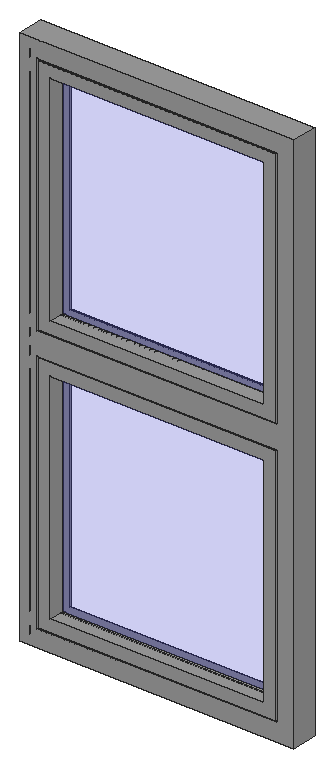
Revit family "3375 OP006_v02", category Windows, host Wall, Revit 2015
Parameters
  Wall Thickness [instance] = 0' - 6"
  URL = "obe.com"
  Transom Height = 3' - 0"
  Rough Width = Width + 0' 0 1/2"  # 3' - 0 1/2"
  Rough Height = Height + 0' 0 1/2"  # 6' - 0 1/2"
  Offset Limitation [instance] = if((Offset + 0' 3 11/16") > Wall Thickness, (Wall Thickness - 0' 3 3/8"), Offset)  # 0' - 0"
  Offset [instance] = 0' - 0"
  Model = "3375 OP006"
  Manufacturer = "Oldcastle BuildingEnvelope®"
  Keynote = "08 51 00"
  Height = Operable Height + Transom Height  # 6' - 0"
  Glass Material = Glass
  Gasket Material = Gasket
  Frame Material = Aluminum
  Operable Height = 3' - 0"
  Description = "SIGNATURE SERIES 3375"
  Default Sill Height = 3' - 0"
  Wall Closure = By host
  Width = 3' - 0"
  Assembly Code = "B2020"
Reference planes (in)
  plane 1 "Center (Front/Back)": y = 0
  plane 2: z = 0
  plane 3 "Center (Left/Right)": x = 0
  plane 4 "Left": x = -18.25
  plane 5 "Right": x = 18.25
  plane 6 "Sill": z = 36
  plane 7 "Top": z = 108.5
  plane 8 "Offset": y = 3
  plane 9: x = 18
  plane 10: z = 108.25
  plane 11: x = -18
  plane 12: z = 36.25
  plane 13 "Center": z = 72.25
  plane 14: z = 39.17769
  plane 15: z = 69.82231
  plane 16: z = 74.67769
  plane 17: z = 105.32231
  plane 18 "EXT": y = 2.84
Forms (in)
  Sweep 1, solid, material "Aluminum" <- "Frame Material"
    path origin (0, 3, 0) x (1, 0, 0) y (0, 0, 1)
      loop
        line (18, 36) -> (18, 108.5)
    profile origin (18, 3, 72.25) x (-1, 0, 0) y (0, -1, 0)
      loop
        line (2, 3.375) -> (-0.25, 3.375) -> (-0.25, 0) -> (1, 0) -> (1, 3.305) -> (2, 3.305) -> (2, 3.375)
  Sweep 2, solid, material "Aluminum" <- "Frame Material"
    path origin (0, 3, 0) x (1, 0, 0) y (0, 0, 1)
      loop
        line (-18, 36) -> (-18, 108.5)
    profile origin (-18, 3, 72.25) x (-1, 0, 0) y (0, -1, 0)
      loop
        line (0.25, 0) -> (0.25, 3.375) -> (-2, 3.375) -> (-2, 3.305) -> (-1, 3.305) -> (-1, 0) -> (0.25, 0)
  Extrusion 3, solid, material "Glass" <- "Glass Material"
    sketch origin (0, 0, 36) x (0, -1, 0) y (1, 0, 0)
      loop
        line (-1.84, -15.07231) -> (-1.84, 15.07231) -> (-2.84, 15.07231) -> (-2.84, -15.07231) -> (-1.84, -15.07231)
    from 3.17769 to 33.82231
  Extrusion 4, solid, material "Glass" <- "Glass Material"
    sketch origin (0, 0, 0) x (1, 0, 0) y (0, 1, 0)
      loop
        line (-15.07231, 2.84) -> (-15.07231, 1.84) -> (15.07231, 1.84) -> (15.07231, 2.84) -> (-15.07231, 2.84)
    from 74.67769 to 105.32231
  Sweep 5, solid, material "Aluminum" <- "Frame Material"
    path origin (0, 3, 0) x (1, 0, 0) y (0, 0, 1)
      loop
        line (-18.25, 72.25) -> (18.25, 72.25)
    profile origin (0, 3, 72.25) x (0, 0, 1) y (0, -1, 0)
      loop
        line (0.49994, 0) -> (0.49994, 3.30513) -> (1.5, 3.30513) -> (1.5, 3.375) -> (0, 3.375) -> (-1.5, 3.375) -> (-1.5, 3.30513) -> (-0.49994, 3.30513) -> (-0.49994, 0) -> (0.49994, 0)
  Sweep 6, solid, material "Aluminum" <- "Frame Material"
    path origin (0, 3, 0) x (1, 0, 0) y (0, 0, 1)
      loop
        line (-18.25, 36.25) -> (18.25, 36.25)
    profile origin (0, 3, 36.25) x (0, 0, 1) y (0, -1, 0)
      loop
        line (-0.25, 3.375) -> (-0.25, 0) -> (1.0021, 0) -> (1.0021, 3.30495) -> (2.00001, 3.30495) -> (2.00001, 3.375) -> (-0.25, 3.375)
  Sweep 7, solid, material "Aluminum" <- "Frame Material"
    path origin (0, 3, 0) x (1, 0, 0) y (0, 0, 1)
      loop
        line (18.25, 108.25) -> (-18.25, 108.25)
    profile origin (0, 3, 108.25) x (0, 0, -1) y (0, -1, 0)
      loop
        line (-0.25, 3.375) -> (-0.25, 0) -> (1, 0) -> (1, 3.305) -> (2, 3.305) -> (2, 3.375) -> (-0.25, 3.375)
  Sweep 8, solid, material "Gasket" <- "Gasket Material", detail levels fine
    path origin (0, 3, 0) x (1, 0, 0) y (0, 0, 1)
      loop
        line (18, 108.25) -> (-18, 108.25) -> (-18, 71.75) -> (18, 71.75) -> (18, 108.25)
    profile origin (0, 3, 108.25) x (0, 0, -1) y (0, -1, 0)
      loop
        line (3.5119, 1.16) -> (3.63747, 1.16)
        arc (3.63747, 1.16) -> (3.6876, 1.2225) -> (3.63747, 1.285) r 0.06403
        line (3.63747, 1.285) -> (3.50353, 1.285)
        arc (3.50353, 1.285) -> (3.46205, 1.21944) -> (3.5119, 1.16) r 0.06575
  Sweep 9, solid, material "Gasket" <- "Gasket Material", detail levels fine
    path origin (0, 3, 0) x (1, 0, 0) y (0, 0, 1)
      loop
        line (17.5, 72.25) -> (-17.5, 72.25) -> (-17.5, 36.75) -> (17.5, 36.75) -> (17.5, 72.25)
    profile origin (0, 3, 72.25) x (0, 0, -1) y (0, -1, 0)
      loop
        line (3.01342, 1.16) -> (3.13877, 1.16)
        arc (3.13877, 1.16) -> (3.18723, 1.2225) -> (3.13877, 1.285) r 0.06453
        line (3.13877, 1.285) -> (3.01342, 1.285)
        arc (3.01342, 1.285) -> (2.96284, 1.2225) -> (3.01342, 1.16) r 0.06391
  Sweep 10, solid, material "Aluminum" <- "Frame Material"
    path origin (0, 3, 0) x (1, 0, 0) y (0, 0, 1)
      loop
        line (18.25, 107.491) -> (18.25, 72.509)
    profile origin (18.25, 3, 90) x (0, -1, 0) y (1, 0, 0)
      loop
        line (-0.33, -1.009) -> (-0.33, -2.80269) -> (0, -2.80269) -> (0, -3.99954) -> (0.16, -3.99954) -> (0.16, -3.17769) -> (1.285, -3.17769) -> (1.285, -3.99954) -> (3.375, -3.99954) -> (3.375, -2.43704) -> (3.215, -2.43704) -> (3.215, -1.71766) -> (0, -1.71766) -> (0, -1.009) -> (-0.33, -1.009)
  Sweep 11, solid, material "Aluminum" <- "Frame Material"
    path origin (0, 3, 0) x (1, 0, 0) y (0, 0, 1)
      loop
        line (-18, 107.491) -> (-18, 72.509)
    profile origin (-18, 3, 90) x (0, -1, 0) y (1, 0, 0)
      loop
        line (3.375, 3.74954) -> (1.285, 3.74954) -> (1.285, 2.92769) -> (0.16, 2.92769) -> (0.16, 3.74954) -> (0, 3.74954) -> (0, 2.55269) -> (-0.33, 2.55269) -> (-0.33, 0.759) -> (0, 0.759) -> (0, 1.46766) -> (3.215, 1.46766) -> (3.215, 2.18704) -> (3.375, 2.18704) -> (3.375, 3.74954)
  Sweep 12, solid, material "Aluminum" <- "Frame Material"
    path origin (0, 3, 0) x (1, 0, 0) y (0, 0, 1)
      loop
        line (17.241, 108.25) -> (-17.241, 108.25)
    profile origin (0, 3, 108.25) x (0, 0, -1) y (0, -1, 0)
      loop
        line (0.759, -0.33) -> (2.55269, -0.33) -> (2.55269, 0) -> (3.74954, 0) -> (3.74954, 0.16) -> (2.92769, 0.16) -> (2.92769, 1.285) -> (3.74954, 1.285) -> (3.74954, 3.375) -> (2.18704, 3.375) -> (2.18704, 3.215) -> (1.46766, 3.215) -> (1.46766, 0) -> (0.759, 0) -> (0.759, -0.33)
  Sweep 13, solid, material "Aluminum" <- "Frame Material"
    path origin (0, 3, 0) x (1, 0, 0) y (0, 0, 1)
      loop
        line (17.241, 72.25) -> (-17.241, 72.25)
    profile origin (0, 3, 72.25) x (0, 0, -1) y (0, -1, 0)
      loop
        line (-3.24954, 1.285) -> (-2.42769, 1.285) -> (-2.42769, 0.16) -> (-3.24954, 0.16) -> (-3.24954, 0) -> (-2.05269, 0) -> (-2.05269, -0.32994) -> (-0.259, -0.32994) -> (-0.259, 0) -> (-0.96779, 0) -> (-0.96779, 3.21505) -> (-1.68705, 3.21505) -> (-1.68705, 3.375) -> (-3.24954, 3.375) -> (-3.24954, 1.285)
  Sweep 14, solid, material "Aluminum" <- "Frame Material"
    path origin (0, 3, 0) x (1, 0, 0) y (0, 0, 1)
      loop
        line (18.25, 71.991) -> (18.25, 37.009)
    profile origin (18.25, 3, 54.5) x (0, -1, 0) y (1, 0, 0)
      loop
        line (3.375, -3.99954) -> (3.375, -2.43704) -> (3.215, -2.43704) -> (3.215, -1.71766) -> (0, -1.71766) -> (0, -1.009) -> (-0.33, -1.009) -> (-0.33, -2.80269) -> (0, -2.80269) -> (0, -3.99954) -> (0.16, -3.99954) -> (0.16, -3.17769) -> (1.285, -3.17769) -> (1.285, -3.99954) -> (3.375, -3.99954)
  Sweep 15, solid, material "Aluminum" <- "Frame Material"
    path origin (0, 3, 0) x (1, 0, 0) y (0, 0, 1)
      loop
        line (-18.25, 71.991) -> (-18.25, 37.009)
    profile origin (-18.25, 3, 54.5) x (0, -1, 0) y (1, 0, 0)
      loop
        line (-0.33, 1.009) -> (0, 1.009) -> (0, 1.71766) -> (3.215, 1.71766) -> (3.215, 2.43704) -> (3.375, 2.43704) -> (3.375, 3.99954) -> (1.285, 3.99954) -> (1.285, 3.17769) -> (0.16, 3.17769) -> (0.16, 3.99954) -> (0, 3.99954) -> (0, 2.80269) -> (-0.33, 2.80269) -> (-0.33, 1.009)
  Sweep 16, solid, material "Aluminum" <- "Frame Material"
    path origin (0, 3, 0) x (1, 0, 0) y (0, 0, 1)
      loop
        line (17.241, 36.25) -> (-17.241, 36.25)
    profile origin (0, 3, 36.25) x (0, 0, -1) y (0, -1, 0)
      loop
        line (-3.74954, 1.285) -> (-2.92769, 1.285) -> (-2.92769, 0.16) -> (-3.74954, 0.16) -> (-3.74954, 0) -> (-2.55269, 0) -> (-2.55269, -0.33) -> (-0.759, -0.33) -> (-0.759, 0) -> (-1.46851, 0) -> (-1.46851, 3.21494) -> (-2.18707, 3.21494) -> (-2.18707, 3.375) -> (-3.74954, 3.375) -> (-3.74954, 1.285)
  Sweep 17, solid, material "Aluminum" <- "Frame Material"
    path origin (0, 3, 0) x (1, 0, 0) y (0, 0, 1)
      loop
        line (17.241, 72.25) -> (-17.241, 72.25)
    profile origin (0, 3, 72.25) x (0, 0, -1) y (0, -1, 0)
      loop
        line (2.05269, -0.32997) -> (2.05269, 0) -> (3.24954, 0) -> (3.24954, 0.16) -> (2.42769, 0.16) -> (2.42769, 1.285) -> (3.24954, 1.285) -> (3.24954, 3.375) -> (1.68703, 3.375) -> (1.68703, 3.215) -> (0.96765, 3.215) -> (0.96765, 0) -> (0.259, 0) -> (0.259, -0.32997) -> (2.05269, -0.32997)
  Sweep 18, void
    path origin (0, 3, 0) x (1, 0, 0) y (0, 0, 1)
      loop
        line (16, 108.25) -> (-16, 108.25)
    profile origin (0, 3, 108.25) x (0, 0, -1) y (0, -1, 0)
      loop
        line (2.18704, 3.215) -> (2.18704, 3.375) -> (2, 3.375) -> (2, 3.215) -> (2.18704, 3.215)
  Sweep 19, void
    path origin (0, 3, 0) x (1, 0, 0) y (0, 0, 1)
      loop
        line (-16, 72.25) -> (16, 72.25)
    profile origin (0, 3, 72.25) x (0, 0, 1) y (0, -1, 0)
      loop
        line (1.68705, 3.215) -> (1.68705, 3.375) -> (1.5, 3.375) -> (1.5, 3.215) -> (1.68705, 3.215)
  Sweep 20, void
    path origin (0, 3, 0) x (1, 0, 0) y (0, 0, 1)
      loop
        line (-18, 106.06296) -> (-18, 73.93705)
    profile origin (-18, 3, 90) x (0, -1, 0) y (1, 0, 0)
      loop
        line (3.375, 2.18704) -> (3.215, 2.18704) -> (3.215, 2) -> (3.375, 2) -> (3.375, 2.18704)
  Sweep 21, void
    path origin (0, 3, 0) x (1, 0, 0) y (0, 0, 1)
      loop
        line (18, 106.06296) -> (18, 73.93705)
    profile origin (18, 3, 90) x (0, -1, 0) y (1, 0, 0)
      loop
        line (3.375, -2.18704) -> (3.375, -2) -> (3.215, -2) -> (3.215, -2.18704) -> (3.375, -2.18704)
  Sweep 22, void
    path origin (0, 3, 0) x (1, 0, 0) y (0, 0, 1)
      loop
        line (-16, 72.25) -> (16, 72.25)
    profile origin (0, 3, 72.25) x (0, 0, 1) y (0, -1, 0)
      loop
        line (-1.68703, 3.215) -> (-1.5, 3.215) -> (-1.5, 3.375) -> (-1.68703, 3.375) -> (-1.68703, 3.215)
  Sweep 23, void
    path origin (0, 3, 0) x (1, 0, 0) y (0, 0, 1)
      loop
        line (-16, 36.25) -> (16, 36.25)
    profile origin (0, 3, 36.25) x (0, 0, 1) y (0, -1, 0)
      loop
        line (2.18707, 3.21494) -> (2.18707, 3.375) -> (2.00001, 3.375) -> (2.00001, 3.21494) -> (2.18707, 3.21494)
  Sweep 24, void
    path origin (0, 3, 0) x (1, 0, 0) y (0, 0, 1)
      loop
        line (18, 70.56297) -> (18, 38.43707)
    profile origin (18, 3, 54.50002) x (0, -1, 0) y (1, 0, 0)
      loop
        line (3.375, -2.18704) -> (3.375, -2) -> (3.215, -2) -> (3.215, -2.18704) -> (3.375, -2.18704)
  Sweep 25, void
    path origin (0, 3, 0) x (1, 0, 0) y (0, 0, 1)
      loop
        line (-18, 70.56297) -> (-18, 38.43707)
    profile origin (-18, 3, 54.50002) x (0, -1, 0) y (1, 0, 0)
      loop
        line (3.375, 2.18704) -> (3.21494, 2.18704) -> (3.21494, 2) -> (3.375, 2) -> (3.375, 2.18704)
Cuts and joins
  Sweep 18, Sweep 19, Sweep 20, Sweep 21, Sweep 22, Sweep 23, Sweep 24, Sweep 25 cuts Sweep 1
  Sweep 18, Sweep 19, Sweep 20, Sweep 21, Sweep 22, Sweep 23, Sweep 24, Sweep 25 cuts Sweep 2
  Sweep 18, Sweep 19, Sweep 20, Sweep 21, Sweep 22, Sweep 23, Sweep 24, Sweep 25 cuts Sweep 5
  Sweep 18, Sweep 19, Sweep 20, Sweep 21, Sweep 22, Sweep 23, Sweep 24, Sweep 25 cuts Sweep 6
  Sweep 18, Sweep 19, Sweep 20, Sweep 21, Sweep 22, Sweep 23, Sweep 24, Sweep 25 cuts Sweep 7
  Sweep 18, Sweep 19, Sweep 20, Sweep 21, Sweep 22, Sweep 23, Sweep 24, Sweep 25 cuts Sweep 10
  Sweep 18, Sweep 19, Sweep 20, Sweep 21, Sweep 22, Sweep 23, Sweep 24, Sweep 25 cuts Sweep 11
  Sweep 18, Sweep 19, Sweep 20, Sweep 21, Sweep 22, Sweep 23, Sweep 24, Sweep 25 cuts Sweep 12
  Sweep 18, Sweep 19, Sweep 20, Sweep 21, Sweep 22, Sweep 23, Sweep 24, Sweep 25 cuts Sweep 13
  Sweep 18, Sweep 19, Sweep 20, Sweep 21, Sweep 22, Sweep 23, Sweep 24, Sweep 25 cuts Sweep 14
  Sweep 18, Sweep 19, Sweep 20, Sweep 21, Sweep 22, Sweep 23, Sweep 24, Sweep 25 cuts Sweep 15
  Sweep 18, Sweep 19, Sweep 20, Sweep 21, Sweep 22, Sweep 23, Sweep 24, Sweep 25 cuts Sweep 16
  Sweep 18, Sweep 19, Sweep 20, Sweep 21, Sweep 22, Sweep 23, Sweep 24, Sweep 25 cuts Sweep 17
  joined: Sweep 1, Sweep 2, Sweep 5, Sweep 6, Sweep 7, Sweep 10, Sweep 11, Sweep 12, Sweep 13, Sweep 14, Sweep 15, Sweep 16, Sweep 17
Lines and regions (in)
  Opening 1
    outline origin (-60, -3, 0) x (1, 0, 0) y (0, 0, 1)
      loop
        line (41.75, 108.5) -> (41.75, 36) -> (78.25, 36) -> (78.25, 108.5) -> (41.75, 108.5)
  model lines, style "Opening Direction"
    curve 1: line (14.25046, 2.84, 75.49954) -> (0, 2.84, 104.50046)
    curve 2: line (-14.25046, 2.84, 75.49954) -> (0, 2.84, 104.50046)
    curve 3: line (14.25046, 2.84, 39.99954) -> (0, 2.84, 69.00046)
    curve 4: line (-14.25046, 2.84, 39.99954) -> (0, 2.84, 69.00046)
Text (in)
  text "EXTERIOR" at (-58.6888, 50.90694, 0), in view "Ref. Level"
  text "INTERIOR" at (-58.6888, -37.76638, 0), in view "Ref. Level"
  text "Exterior" at (0, 43.65631, 123.19604), in view "Left"
  text "Exterior" at (0, 18.29385, 125.04747), in view "Right"
  text "Min Operable Size\n\n18\" width x 22\" height\n\n\n\nMax Operable Size\n\n72\" x 72\"\n\n\n\nMax Operable Area\n\n24 square feet" at (124.9444, 72.52608, 0), in view "Ref. Level"
Dimensions and locks (in)
  equal spacing: plane 4 "Left", plane 3 "Center (Left/Right)", plane 5 "Right"
  "Rough Width": plane 4 "Left" to plane 5 "Right"
  "Default Sill Height": plane 2 to plane 6 "Sill"
  "Offset Limitation": plane 8 "Offset" to host wall
  "Wall Thickness": host wall to host wall
  locked: plane 9 to plane 5 "Right" at 0.25
  locked: plane 6 "Sill" to plane 12 at 0.25
  "Operable Height": plane 12 to plane 13 "Center"
  "Transom Height": plane 13 "Center" to plane 10
  "Rough Height": plane 6 "Sill" to plane 7 "Top"
  "Width": plane 11 to plane 9
  Extrusion 3 sketch curve to Extrusion 3 sketch curve to plane 8 "Offset" = 0' - 1" locked, 0' - 0.16" locked
  locked: plane 17 to plane 10 at 2.92769
  plane 15 to plane 13 "Center" to plane 16 = 0' - 2.42769" locked, 0' - 2.42769" locked
  locked: plane 12 to plane 14 at 2.92769
  Extrusion 4 sketch curve to Extrusion 4 sketch curve to plane 8 "Offset" = 0' - 1" locked, 0' - 0.16" locked
  locked: plane 18 "EXT" to plane 8 "Offset" at 0.16
  aligned and locked: plane 7 "Top" to Opening 1 sketch curve
  aligned and locked: plane 6 "Sill" to Opening 1 sketch curve  (x2)
  aligned and locked: plane 5 "Right" to Opening 1 sketch curve
  aligned and locked: plane 4 "Left" to Opening 1 sketch curve
  aligned and locked: level to plane 2
  aligned and locked: Extrusion 3 to plane 15
  aligned and locked: plane 14 to Extrusion 3
  aligned and locked: Extrusion 4 to plane 17
  aligned and locked: plane 16 to Extrusion 4
  aligned and locked: Sweep 10 sketch curve to plane 5 "Right"
  aligned and locked: Sweep 11 sketch curve to plane 11
  aligned and locked: plane 12 to Sweep 16 sketch curve
  aligned and locked: plane 13 "Center" to Sweep 17 sketch curve
  aligned and locked: plane 3 "Center (Left/Right)" to curve 1
  aligned and locked: plane 3 "Center (Left/Right)" to curve 3
  aligned and locked: Sweep 18 sketch curve to plane 10
  aligned and locked: plane 13 "Center" to Sweep 19 sketch curve
  aligned and locked: plane 11 to Sweep 20 sketch curve
  aligned and locked: plane 9 to Sweep 21 sketch curve
  aligned and locked: plane 13 "Center" to Sweep 22 sketch curve
  aligned and locked: plane 12 to Sweep 23 sketch curve
  aligned and locked: plane 9 to Sweep 24 sketch curve
  aligned and locked: plane 11 to Sweep 25 sketch curve
Automatic sketch dimensions
  Sweep 1 sketch curve to plane 7 "Top" = 0' - 0"
  plane 9 to Sweep 1 sketch curve = 0' - 0"
  Sweep 1 sketch curve to plane 6 "Sill" = 0' - 0"
  plane 8 "Offset" to Sweep 1 sketch curve = 0' - 0"
  profile plane to Sweep 1 sketch curve = 0' - 0 1/4"
  Sweep 2 sketch curve to plane 7 "Top" = 0' - 0"
  plane 11 to Sweep 2 sketch curve = 0' - 0"
  Sweep 2 sketch curve to plane 6 "Sill" = 0' - 0"
  plane 8 "Offset" to Sweep 2 sketch curve = 0' - 0"
  profile plane to Sweep 2 sketch curve = 0' - 1"
  Sweep 2 sketch curve to profile plane = 0' - 0 1/4"
  Extrusion 3 sketch curve to plane 11 = 0' - 2.92769"
  plane 9 to Extrusion 3 sketch curve = 0' - 2.92769"
  Extrusion 4 sketch curve to plane 11 = 0' - 2.92769"
  plane 9 to Extrusion 4 sketch curve = 0' - 2.92769"
  plane 4 "Left" to Sweep 5 sketch curve = 0' - 0"
  plane 5 "Right" to Sweep 5 sketch curve = 0' - 0"
  Sweep 5 sketch curve to plane 13 "Center" = 0' - 0"
  plane 4 "Left" to Sweep 6 sketch curve = 0' - 0"
  plane 5 "Right" to Sweep 6 sketch curve = 0' - 0"
  Sweep 6 sketch curve to plane 12 = 0' - 0"
  plane 4 "Left" to Sweep 7 sketch curve = 0' - 0"
  plane 5 "Right" to Sweep 7 sketch curve = 0' - 0"
  Sweep 7 sketch curve to plane 10 = 0' - 0"
  Sweep 8 sketch curve to plane 10 = 0' - 0"
  plane 11 to Sweep 8 sketch curve = 0' - 0"
  plane 9 to Sweep 8 sketch curve = 0' - 0"
  plane 13 "Center" to Sweep 8 sketch curve = 0' - 0 1/2"
  plane 8 "Offset" to Sweep 8 sketch curve = 0' - 1.16"
  Sweep 8 sketch curve to profile plane = 0' - 3.5119"
  Sweep 8 sketch curve to Sweep 8 sketch curve = 0' - 0.01575"
  Sweep 8 sketch curve to Sweep 8 sketch curve = 0' - 0.09592"
  Sweep 8 sketch curve to Sweep 8 sketch curve = 0' - 0.01389"  (x2)
  Sweep 8 sketch curve to Sweep 8 sketch curve = 0' - 0 1/16"
  Sweep 8 sketch curve to Sweep 8 sketch curve = 0' - 0.02412"
  Sweep 9 sketch curve to plane 11 = 0' - 0 1/2"
  plane 9 to Sweep 9 sketch curve = 0' - 0 1/2"
  Sweep 9 sketch curve to plane 12 = 0' - 0 1/2"
  Sweep 9 sketch curve to plane 13 "Center" = 0' - 0"
  plane 8 "Offset" to Sweep 9 sketch curve = 0' - 1.16"
  Sweep 9 sketch curve to profile plane = 0' - 3.01342"
  Sweep 9 sketch curve to Sweep 9 sketch curve = 0' - 0.01333"  (x2)
  Sweep 9 sketch curve to Sweep 9 sketch curve = 0' - 0.09594"
  Sweep 9 sketch curve to Sweep 9 sketch curve = 0' - 0.01608"  (x2)
  Sweep 9 sketch curve to Sweep 9 sketch curve = 0' - 0 1/16"
  Sweep 1 sketch curve to profile plane = 0' - 1"
  Sweep 1 sketch curve to Sweep 1 sketch curve = 0' - 1"
  Sweep 1 sketch curve to Sweep 1 sketch curve = 0' - 3.305"
  Sweep 1 sketch curve to Sweep 1 sketch curve = 0' - 0.07"
  Sweep 2 sketch curve to Sweep 2 sketch curve = 0' - 1"
  Sweep 2 sketch curve to Sweep 2 sketch curve = 0' - 3.305"
  Sweep 2 sketch curve to Sweep 2 sketch curve = 0' - 0.07"
  plane 8 "Offset" to Sweep 7 sketch curve = 0' - 0"
  profile plane to Sweep 7 sketch curve = 0' - 0 1/4"
  Sweep 7 sketch curve to profile plane = 0' - 1"
  Sweep 7 sketch curve to Sweep 7 sketch curve = 0' - 1"
  Sweep 7 sketch curve to Sweep 7 sketch curve = 0' - 3.305"
  Sweep 7 sketch curve to Sweep 7 sketch curve = 0' - 0.07"
  Sweep 5 sketch curve to plane 8 "Offset" = 0' - 0"
  profile plane to Sweep 5 sketch curve = 0' - 0"
  profile plane to Sweep 5 sketch curve = 0' - 0.49994"
  Sweep 5 sketch curve to Sweep 5 sketch curve = 0' - 1.00006"  (x2)
  Sweep 5 sketch curve to profile plane = 0' - 0.49994"
  plane 8 "Offset" to Sweep 5 sketch curve = 0' - 3.30513"
  Sweep 5 sketch curve to Sweep 5 sketch curve = 0' - 0"
  Sweep 5 sketch curve to Sweep 5 sketch curve = 0' - 0.06987"
  profile plane to Sweep 6 sketch curve = 0' - 0 1/4"
  Sweep 6 sketch curve to profile plane = 0' - 1.0021"
  Sweep 6 sketch curve to Sweep 6 sketch curve = 0' - 0.99792"
  plane 8 "Offset" to Sweep 6 sketch curve = 0' - 0"
  Sweep 6 sketch curve to Sweep 6 sketch curve = 0' - 3.30495"
  Sweep 6 sketch curve to Sweep 6 sketch curve = 0' - 0.07005"
  Sweep 10 sketch curve to plane 13 "Center" = 0' - 0.259"
  plane 10 to Sweep 10 sketch curve = 0' - 0.759"
  Sweep 10 sketch curve to plane 8 "Offset" = 0' - 0.33"
  Sweep 10 sketch curve to Sweep 10 sketch curve = 0' - 1.08503"
  profile plane to Sweep 10 sketch curve = 0' - 1.009"
  Sweep 10 sketch curve to Sweep 10 sketch curve = 0' - 0.70866"
  plane 8 "Offset" to Sweep 10 sketch curve = 0' - 0"  (x2)
  plane 8 "Offset" to Sweep 10 sketch curve = 0' - 0.16"
  Sweep 10 sketch curve to Sweep 10 sketch curve = 0' - 0 3/8"
  Sweep 10 sketch curve to Sweep 10 sketch curve = 0' - 1 1/8"
  Sweep 10 sketch curve to Sweep 10 sketch curve = 0' - 2.09"
  Sweep 10 sketch curve to Sweep 10 sketch curve = 0' - 0"
  Sweep 10 sketch curve to Sweep 10 sketch curve = 0' - 0.82185"
  Sweep 10 sketch curve to Sweep 10 sketch curve = 0' - 0.16"
  Sweep 10 sketch curve to Sweep 10 sketch curve = 0' - 0.71938"
  Sweep 11 sketch curve to plane 13 "Center" = 0' - 0.259"
  plane 10 to Sweep 11 sketch curve = 0' - 0.759"
  plane 8 "Offset" to Sweep 11 sketch curve = 0' - 1.285"
  Sweep 11 sketch curve to Sweep 11 sketch curve = 0' - 0.82185"  (x2)
  Sweep 11 sketch curve to Sweep 11 sketch curve = 0' - 0.16"  (x2)
  Sweep 11 sketch curve to plane 8 "Offset" = 0' - 0.33"
  Sweep 11 sketch curve to Sweep 11 sketch curve = 0' - 0 3/8"
  Sweep 11 sketch curve to profile plane = 0' - 0.759"
  plane 8 "Offset" to Sweep 11 sketch curve = 0' - 0"  (x2)
  Sweep 11 sketch curve to Sweep 11 sketch curve = 0' - 3.215"
  Sweep 11 sketch curve to Sweep 11 sketch curve = 0' - 0.70866"
  Sweep 11 sketch curve to Sweep 11 sketch curve = 0' - 1 9/16"
  Sweep 11 sketch curve to Sweep 11 sketch curve = 0' - 0.71938"
  Sweep 12 sketch curve to plane 10 = 0' - 0"
  Sweep 12 sketch curve to plane 11 = 0' - 0.759"
  plane 9 to Sweep 12 sketch curve = 0' - 0.759"
  Sweep 12 sketch curve to plane 8 "Offset" = 0' - 0.33"
  Sweep 12 sketch curve to profile plane = 0' - 0.759"
  Sweep 12 sketch curve to Sweep 12 sketch curve = 0' - 1.08503"
  Sweep 12 sketch curve to Sweep 12 sketch curve = 0' - 0.70866"
  plane 8 "Offset" to Sweep 12 sketch curve = 0' - 0"  (x2)
  plane 8 "Offset" to Sweep 12 sketch curve = 0' - 0.16"
  Sweep 12 sketch curve to Sweep 12 sketch curve = 0' - 0 3/8"
  Sweep 12 sketch curve to Sweep 12 sketch curve = 0' - 0.82185"
  Sweep 12 sketch curve to Sweep 12 sketch curve = 0' - 1 1/8"
  Sweep 12 sketch curve to Sweep 12 sketch curve = 0' - 2.09"
  Sweep 12 sketch curve to Sweep 12 sketch curve = 0' - 0"
  Sweep 12 sketch curve to Sweep 12 sketch curve = 0' - 0.16"
  Sweep 12 sketch curve to Sweep 12 sketch curve = 0' - 0.71938"
  Sweep 13 sketch curve to plane 13 "Center" = 0' - 0"
  Sweep 13 sketch curve to plane 11 = 0' - 0.759"
  plane 9 to Sweep 13 sketch curve = 0' - 0.759"
  Sweep 13 sketch curve to plane 8 "Offset" = 0' - 0"  (x2)
  profile plane to Sweep 13 sketch curve = 0' - 0.259"
  Sweep 13 sketch curve to Sweep 13 sketch curve = 0' - 1.79369"
  Sweep 13 sketch curve to Sweep 13 sketch curve = 0' - 0 3/8"
  Sweep 13 sketch curve to Sweep 13 sketch curve = 0' - 0.82185"  (x2)
  Sweep 13 sketch curve to plane 8 "Offset" = 0' - 0.32994"
  Sweep 13 sketch curve to Sweep 13 sketch curve = 0' - 0.16"
  Sweep 13 sketch curve to Sweep 13 sketch curve = 0' - 1 1/8"
  Sweep 13 sketch curve to Sweep 13 sketch curve = 0' - 2.09"
  Sweep 13 sketch curve to Sweep 13 sketch curve = 0' - 0.70879"
  Sweep 13 sketch curve to Sweep 13 sketch curve = 0' - 0.71925"
  Sweep 13 sketch curve to Sweep 13 sketch curve = 0' - 0.15995"
  plane 5 "Right" to Sweep 14 sketch curve = 0' - 0"
  Sweep 14 sketch curve to plane 12 = 0' - 0.759"
  plane 13 "Center" to Sweep 14 sketch curve = 0' - 0.259"
  Sweep 14 sketch curve to Sweep 14 sketch curve = 0' - 1 1/8"
  Sweep 14 sketch curve to Sweep 14 sketch curve = 0' - 0.82185"  (x2)
  plane 8 "Offset" to Sweep 14 sketch curve = 0' - 0"  (x2)
  Sweep 14 sketch curve to Sweep 14 sketch curve = 0' - 0.16"  (x2)
  Sweep 14 sketch curve to Sweep 14 sketch curve = 0' - 0.71938"
  Sweep 14 sketch curve to plane 8 "Offset" = 0' - 0.33"
  Sweep 14 sketch curve to Sweep 14 sketch curve = 0' - 0 3/8"
  Sweep 14 sketch curve to Sweep 14 sketch curve = 0' - 3.215"
  Sweep 14 sketch curve to Sweep 14 sketch curve = 0' - 1.08503"
  Sweep 14 sketch curve to Sweep 14 sketch curve = 0' - 1.79369"
  profile plane to Sweep 14 sketch curve = 0' - 1.009"
  plane 4 "Left" to Sweep 15 sketch curve = 0' - 0"
  Sweep 15 sketch curve to plane 12 = 0' - 0.759"
  plane 13 "Center" to Sweep 15 sketch curve = 0' - 0.259"
  Sweep 15 sketch curve to plane 8 "Offset" = 0' - 0.33"
  Sweep 15 sketch curve to profile plane = 0' - 1.009"
  Sweep 15 sketch curve to Sweep 15 sketch curve = 0' - 1.08503"
  plane 8 "Offset" to Sweep 15 sketch curve = 0' - 0"  (x2)
  Sweep 15 sketch curve to Sweep 15 sketch curve = 0' - 3.215"
  Sweep 15 sketch curve to Sweep 15 sketch curve = 0' - 0.16"  (x2)
  Sweep 15 sketch curve to Sweep 15 sketch curve = 0' - 0.70866"
  Sweep 15 sketch curve to Sweep 15 sketch curve = 0' - 0.71938"
  plane 8 "Offset" to Sweep 15 sketch curve = 0' - 1.285"
  Sweep 15 sketch curve to Sweep 15 sketch curve = 0' - 0 3/8"
  Sweep 15 sketch curve to Sweep 15 sketch curve = 0' - 0.82185"
  Sweep 15 sketch curve to Sweep 15 sketch curve = 0' - 0"
  Sweep 16 sketch curve to plane 11 = 0' - 0.759"
  plane 9 to Sweep 16 sketch curve = 0' - 0.759"
  plane 8 "Offset" to Sweep 16 sketch curve = 0' - 1.285"
  plane 8 "Offset" to Sweep 16 sketch curve = 0' - 0.16"
  Sweep 16 sketch curve to Sweep 16 sketch curve = 0' - 0"
  Sweep 16 sketch curve to Sweep 16 sketch curve = 0' - 0.82185"
  Sweep 16 sketch curve to Sweep 16 sketch curve = 0' - 0 3/8"
  Sweep 16 sketch curve to plane 8 "Offset" = 0' - 0.33"
  profile plane to Sweep 16 sketch curve = 0' - 0.759"
  Sweep 16 sketch curve to Sweep 16 sketch curve = 0' - 2.09"
  Sweep 16 sketch curve to Sweep 16 sketch curve = 0' - 0.71856"
  profile plane to Sweep 16 sketch curve = 0' - 2.18707"
  Sweep 16 sketch curve to Sweep 16 sketch curve = 0' - 0.16006"
  Sweep 16 sketch curve to plane 8 "Offset" = 0' - 0"  (x2)
  Sweep 16 sketch curve to Sweep 16 sketch curve = 0' - 0.36562"
  Sweep 17 sketch curve to plane 11 = 0' - 0.759"
  plane 9 to Sweep 17 sketch curve = 0' - 0.759"
  Sweep 17 sketch curve to plane 8 "Offset" = 0' - 0"  (x3)
  Sweep 17 sketch curve to profile plane = 0' - 0.259"
  Sweep 17 sketch curve to Sweep 17 sketch curve = 0' - 0.70865"
  Sweep 17 sketch curve to Sweep 17 sketch curve = 0' - 1.08504"
  Sweep 17 sketch curve to Sweep 17 sketch curve = 0' - 0 3/8"
  Sweep 17 sketch curve to Sweep 17 sketch curve = 0' - 0.82185"  (x2)
  plane 8 "Offset" to Sweep 17 sketch curve = 0' - 0.16"
  Sweep 17 sketch curve to Sweep 17 sketch curve = 0' - 0.32997"
  Sweep 17 sketch curve to Sweep 17 sketch curve = 0' - 1 1/8"
  Sweep 17 sketch curve to Sweep 17 sketch curve = 0' - 2.09"
  Sweep 17 sketch curve to Sweep 17 sketch curve = 0' - 0.71938"
  Sweep 17 sketch curve to Sweep 17 sketch curve = 0' - 0.16"
  curve 3 to plane 14 = 0' - 0.82185"
  curve 4 to plane 14 = 0' - 0.82185"
  curve 4 to plane 11 = 0' - 3.74954"
  curve 2 to plane 16 = 0' - 0.82185"
  curve 2 to plane 11 = 0' - 3.74954"
  plane 9 to curve 3 = 0' - 3.74954"
  curve 1 to plane 16 = 0' - 0.82185"
  plane 9 to curve 1 = 0' - 3.74954"
  plane 15 to curve 4 = 0' - 0.82185"
  plane 17 to curve 2 = 0' - 0.82185"
  Sweep 18 sketch curve to plane 11 = 0' - 2"
  plane 9 to Sweep 18 sketch curve = 0' - 2"
  Sweep 18 sketch curve to profile plane = 0' - 2"
  Sweep 18 sketch curve to Sweep 18 sketch curve = 0' - 0.18704"
  plane 8 "Offset" to Sweep 18 sketch curve = 0' - 3.215"
  Sweep 18 sketch curve to Sweep 18 sketch curve = 0' - 0.16"
  Sweep 19 sketch curve to plane 11 = 0' - 2"
  plane 9 to Sweep 19 sketch curve = 0' - 2"
  Sweep 19 sketch curve to profile plane = 0' - 1 1/2"
  Sweep 19 sketch curve to Sweep 19 sketch curve = 0' - 0.18705"
  plane 8 "Offset" to Sweep 19 sketch curve = 0' - 3.215"
  Sweep 19 sketch curve to Sweep 19 sketch curve = 0' - 0.16"
  Sweep 20 sketch curve to plane 13 "Center" = 0' - 1.68705"
  Sweep 20 sketch curve to plane 17 = 0' - 0.74065"
  plane 8 "Offset" to Sweep 20 sketch curve = 0' - 3.215"
  Sweep 20 sketch curve to Sweep 20 sketch curve = 0' - 0.16"
  Sweep 20 sketch curve to profile plane = 0' - 2"
  Sweep 20 sketch curve to Sweep 20 sketch curve = 0' - 0.18704"
  Sweep 21 sketch curve to plane 13 "Center" = 0' - 1.68705"
  plane 10 to Sweep 21 sketch curve = 0' - 2.18704"
  plane 8 "Offset" to Sweep 21 sketch curve = 0' - 3.215"
  Sweep 21 sketch curve to Sweep 21 sketch curve = 0' - 0.16"
  profile plane to Sweep 21 sketch curve = 0' - 2.18704"
  Sweep 21 sketch curve to Sweep 21 sketch curve = 0' - 0.18704"
  Sweep 22 sketch curve to plane 11 = 0' - 2"
  plane 9 to Sweep 22 sketch curve = 0' - 2"
  profile plane to Sweep 22 sketch curve = 0' - 1.68703"
  Sweep 22 sketch curve to Sweep 22 sketch curve = 0' - 0.18703"
  plane 8 "Offset" to Sweep 22 sketch curve = 0' - 3.215"
  Sweep 22 sketch curve to Sweep 22 sketch curve = 0' - 0.16001"
  Sweep 23 sketch curve to plane 11 = 0' - 2"
  plane 9 to Sweep 23 sketch curve = 0' - 2"
  Sweep 23 sketch curve to profile plane = 0' - 2"
  Sweep 23 sketch curve to Sweep 23 sketch curve = 0' - 0.18706"
  plane 8 "Offset" to Sweep 23 sketch curve = 0' - 3.21494"
  Sweep 23 sketch curve to Sweep 23 sketch curve = 0' - 0.16006"
  Sweep 24 sketch curve to plane 6 "Sill" = 0' - 2.43707"
  plane 13 "Center" to Sweep 24 sketch curve = 0' - 1.68703"
  plane 8 "Offset" to Sweep 24 sketch curve = 0' - 3.215"
  Sweep 24 sketch curve to Sweep 24 sketch curve = 0' - 0.16"
  profile plane to Sweep 24 sketch curve = 0' - 2.18704"
  Sweep 24 sketch curve to Sweep 24 sketch curve = 0' - 0.18704"
  Sweep 25 sketch curve to plane 12 = 0' - 2.18707"
  Sweep 25 sketch curve to plane 15 = 0' - 0.74066"
  plane 8 "Offset" to Sweep 25 sketch curve = 0' - 3.21494"
  Sweep 25 sketch curve to Sweep 25 sketch curve = 0' - 0.16006"
  Sweep 25 sketch curve to profile plane = 0' - 2"
  Sweep 25 sketch curve to Sweep 25 sketch curve = 0' - 0.18704"
